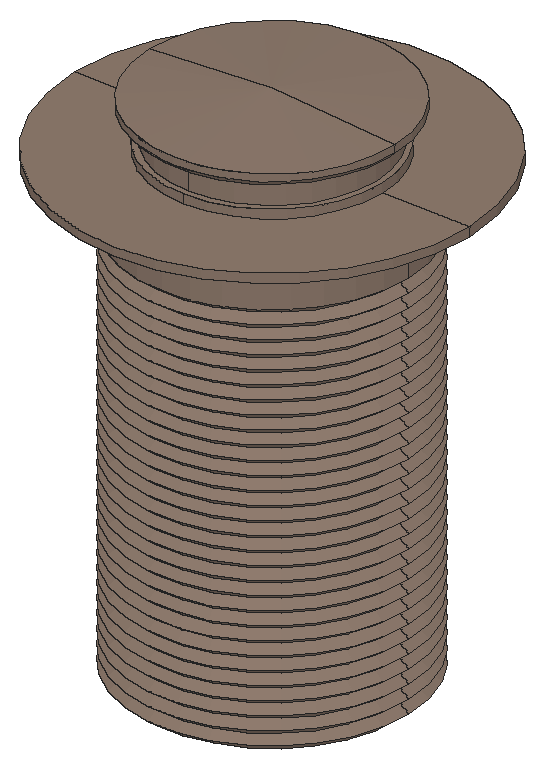
Revit family "ALMA-40mm_Bath_Waste", category Plumbing Fixtures, Revit 2026
Family settings
  Round Connector Dimension = Use Diameter
  Part Type = Normal
  Work Plane-Based = No
  Enable Cutting in Views = Yes
  Always vertical = Yes
  Cut with Voids When Loaded = No
  Maintain Annotation Orientation = No
  Shared = No
  Room Calculation Point = No
Parameters (values of type "40mm Bath Waste - Brushed Vintage Antique Brass")
  Material = BM_ANTIQUE BRASS
  Default Elevation = 0 mm
Reference planes
  plane 1 "Center (Front/Back)": y = 0
  plane 2: z = 0
  plane 3 "Center (Left/Right)": x = 0
  plane 4: y = 34
  plane 5: y = -34
  plane 6: x = -34
  plane 7: x = 34
Forms (mm)
  Revolve 1, solid, material "BM_ANTIQUE BRASS" <- "Material"
    sketch origin (0, 0, -4.22) x (1, 0, 0) y (0, 0, 1)
      loop
        line (0, -5.78) -> (-23.57, -5.78) -> (-22.044, -6.972) -> (-23.528, -8.131) -> (-22.044, -9.291) -> (-23.528, -10.45) -> (-22.044, -11.609) -> (-23.528, -12.768) -> (-22.044, -13.928) -> (-23.528, -15.087) -> (-22.044, -16.246) -> (-23.528, -17.406) -> (-22.044, -18.565) -> (-23.528, -19.724) -> (-22.044, -20.884) -> (-23.528, -22.043) -> (-22.044, -23.202) -> (-23.528, -24.361) -> (-22.044, -25.521) -> (-23.528, -26.68) -> (-22.044, -27.839) -> (-23.528, -28.999) -> (-22.044, -30.158) -> (-23.528, -31.317) -> (-22.044, -32.476) -> (-23.528, -33.636) -> (-22.044, -34.795) -> (-23.528, -35.954) -> (-22.044, -37.114) -> (-23.528, -38.273) -> (-22.044, -39.432) -> (-23.528, -40.591) -> (-22.044, -41.751) -> (-23.528, -42.91) -> (-22.044, -44.069) -> (-23.528, -45.229) -> (-22.044, -46.388) -> (-23.528, -47.547) -> (-22.044, -48.707) -> (-23.528, -49.866) -> (-22.044, -51.025) -> (-23.528, -52.184) -> (-22.044, -53.344) -> (-23.528, -54.503) -> (-22.044, -55.662) -> (-23.528, -56.822) -> (-22.044, -57.981) -> (-23.528, -59.14) -> (-22.044, -60.299) -> (-23.528, -61.459) -> (-22.044, -62.618) -> (-23.528, -63.777) -> (-22.044, -64.937) -> (-23.528, -66.096) -> (-22.044, -67.255) -> (-23.528, -68.414) -> (-22.044, -69.574) -> (-23.528, -70.733) -> (-22.044, -71.892) -> (-23.528, -73.052) -> (-21.916, -74.311) -> (0, -74.311) -> (0, -5.78)
      axis (0, -5.78) -> (0, -74.311)
    angle from 0 to 360
  Revolve 2, solid, material "BM_ANTIQUE BRASS" <- "Material"
    sketch origin (0, 0, -0.248) x (1, 0, 0) y (0, 0, 1)
      loop
        line (0, -9.752) -> (0, 1.748) -> (-34, 1.748) -> (-34, 0.248) -> (-25.895, 0.248)
        arc (-25.895, 0.248) -> (-24.219, -0.854) -> (-23.57, -2.752) r 3.098
        line (-23.57, -2.752) -> (-23.57, -9.752) -> (0, -9.752)
      axis (0, 1.748) -> (0, -9.752)
    angle from 0 to 360
  Extrusion 3, solid, material "BM_ANTIQUE BRASS" <- "Material"
    sketch origin (0, 0, 1.5) x (0, 1, 0) y (-1, 0, 0)
      loop
        circle (0, 0) r 19
    from 0 to 1.5
  Extrusion 4, solid, material "BM_ANTIQUE BRASS" <- "Material"
    sketch origin (0, 0, 3) x (0, 1, 0) y (-1, 0, 0)
      loop
        circle (0, 0) r 18
    from 0 to 4.5
  Revolve 5, solid, material "BM_ANTIQUE BRASS" <- "Material"
    sketch origin (0, 0, 1.5) x (1, 0, 0) y (0, 0, 1)
      loop
        line (0, 6) -> (0, 9.5)
        arc (0, 9.5) -> (-10.576, 9.079) -> (-21.113, 8.079) r 193.186
        line (-21.113, 8.079) -> (-21.113, 6.892) -> (-20.221, 6) -> (0, 6)
      axis (0, 9.5) -> (0, 6)
    angle from 0 to 360
Text (mm)
  text "Refer to www.buildmat.com.au for the most current product literature. \nAllow a +/- 5mm tolerance for dimensions shown in the product literature. \nPlease note product details are subject to change due to ongoing product development." at (-1.255, -177.708, 0), in view "Ref. Level"
Dimensions and locks
  equal spacing: plane 4, plane 1 "Center (Front/Back)", plane 5
  equal spacing: plane 6, plane 3 "Center (Left/Right)", plane 7
  aligned and locked: level to plane 2
Automatic sketch dimensions
  Revolve 1 sketch curve to plane 3 "Center (Left/Right)" = 0 mm  (x2)
  Revolve 1 sketch curve to plane 6 = 12.084 mm
  Revolve 1 sketch curve to plane 6 = 11.956 mm  (x2)
  Revolve 1 sketch curve to Revolve 1 sketch curve = 0 mm  (x26)
  Revolve 1 sketch curve to Revolve 1 sketch curve = 0.128 mm
  Revolve 1 sketch curve to Revolve 1 sketch curve = 1.484 mm  (x29)
  Revolve 1 sketch curve to Revolve 1 sketch curve = 1.526 mm
  Revolve 1 sketch curve to level = 78.531 mm
  Revolve 1 sketch curve to Revolve 1 sketch curve = 1.259 mm
  Revolve 1 sketch curve to Revolve 1 sketch curve = 1.159 mm  (x57)
  Revolve 1 sketch curve to Revolve 1 sketch curve = 1.192 mm
  Revolve 1 sketch curve to Revolve 1 sketch curve = 0.1 mm
  Revolve 1 sketch curve to Revolve 1 sketch curve = 0.495 mm
  Revolve 2 sketch curve to level = 0 mm
  plane 6 to Revolve 2 sketch curve = 0 mm
  Revolve 2 sketch curve to plane 3 "Center (Left/Right)" = 0 mm  (x2)
  Revolve 2 sketch curve to level = 3 mm
  Revolve 2 sketch curve to plane 6 = 7.332 mm
  Revolve 2 sketch curve to Revolve 2 sketch curve = 0.773 mm
  Revolve 2 sketch curve to level = 10 mm
  level to Revolve 2 sketch curve = 1.5 mm
  Revolve 2 sketch curve to Revolve 2 sketch curve = 0 mm
  Revolve 2 sketch curve to Revolve 2 sketch curve = 0.106 mm
  Revolve 5 sketch curve to plane 3 "Center (Left/Right)" = 0 mm  (x2)
  Revolve 5 sketch curve to plane 6 = 13.779 mm
  Revolve 5 sketch curve to Revolve 5 sketch curve = 0.892 mm  (x2)
  plane 3 "Center (Left/Right)" to Revolve 5 sketch curve = 2.399 mm
  Revolve 5 sketch curve to level = 182.171 mm
  level to Revolve 5 sketch curve = 7.5 mm
  Revolve 5 sketch curve to Revolve 5 sketch curve = 1.187 mm
  Revolve 5 sketch curve to Revolve 5 sketch curve = 0.5 mm
  Revolve 5 sketch curve to Revolve 5 sketch curve = 0 mm
  radius of Extrusion 3 sketch curve to Revolve 2 = 15 mm
  radius of Extrusion 4 sketch curve to Extrusion 3 = 1 mm
